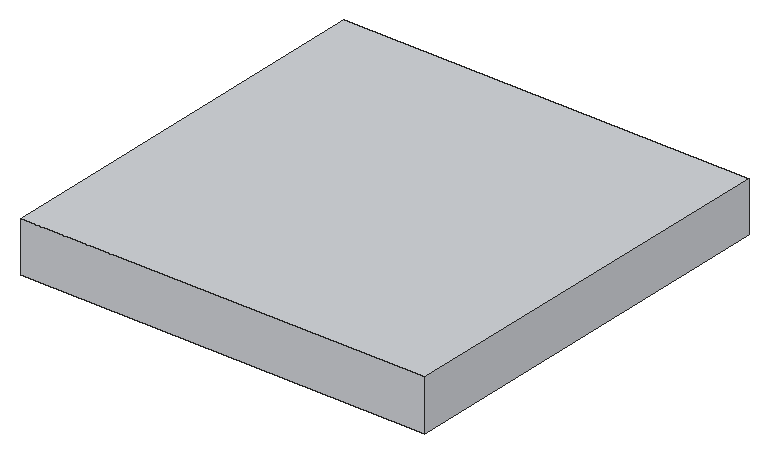
Revit family "M_Inserção de canto da luminária comercial", category Luminárias, Revit 2019
Family settings
  Cota do conector redondo = Utilizar diâmetro
  Tipo de parte = Normal
  Número OmniClass = 23.80.70.11.14.11
  Título OmniClass = Downlights
  ID de item do Seek = Troffer Corner Insert-0000-CAN-ENU
  Com base no plano de trabalho = Não
  Sempre na vertical = Sim
  Corte com vazios quando carregada = Não
  Fonte luminosa = Sim
  Compartilhado = Não
  Ponto de cálculo do ambiente = Não
Parameters (values of type "1200x1200 8lâmpadas")
  Largura = 1200 mm
  Wattage Comments = ""
  Wattage = 256 W
  built-in parameter 1150110 = 1 (stored number, unit not read)
  built-in parameter 1150109 = 1 (stored number, unit not read)
  built-in parameter 1150134 = 8
  built-in parameter 1150113 = 1 (stored number, unit not read)
  Tilt Angle = 90.00°
  Lumens = 23201.3 lm
  built-in parameter 1114217 = 0.88 (stored number, unit not read)
  built-in parameter 1150115 = 1 (stored number, unit not read)
  built-in parameter 1150105 = 1846.3 (stored number, unit not read)
  Classificação de carga = Iluminação - Unidade de interrupção
  built-in parameter 1150137 = 1
  built-in parameter 1150139 = (empty or 0)
  Comprimento = 1200 mm
  built-in parameter 1150112 = 1 (stored number, unit not read)
  built-in parameter 1150114 = 1 (stored number, unit not read)
  Lâmpada = "T8"
  Arquivo de rede fotométrica = "4x4 8Lamp.ies"
  built-in parameter 1150132 = (empty or 0)
  built-in parameter 1150102 = (empty or 0)
  built-in parameter 1150138 = (empty or 0)
  built-in parameter 1150107 = 4230 (stored number, unit not read)
  built-in parameter 1150106 = 18.463 (stored number, unit not read)
  Emit from Rectangle Width = Largura  # 1200 mm
  Emit from Rectangle Length = Comprimento  # 1200 mm
  Emitir forma visível na renderização = no
  built-in parameter 1150104 = 8.4198 (stored number, unit not read)
  Troca de temperatura da cor de lâmpada com esmaecimento = <Nenhum>
  Linear = 150 mm
  Color Filter = 16777215
  built-in parameter 1140040 [instance] = 1
  built-in parameter 1114218 = 0.88 (stored number, unit not read)
  built-in parameter 1150133 = 10 (stored number, unit not read)
  Apparent Load = 256 VA
Types (10, lengths in mm): name | Largura | Wattage | Lumens | built-in parameter 1114217 | built-in parameter 1150105 | Comprimento | Lâmpada | Arquivo de rede fotométrica | built-in parameter 1150106 | Emit from Rectangle Width | Emit from Rectangle Length | built-in parameter 1150104 | built-in parameter 1114218 | Apparent Load
  (no name) | 1200 | 256 W | 23201.3 lm | 0.88 (stored number, unit not read) | 1846.3 (stored number, unit not read) | 1200 | "T8" | "4x4 8Lamp.ies" | 18.463 (stored number, unit not read) | 1200 | 1200 | 8.4198 (stored number, unit not read) | 0.88 (stored number, unit not read) | 256 VA
  300x1200 2lâmpadas | 300 | 80 W | 6300 lm | 0.88 (stored number, unit not read) | 501.34 (stored number, unit not read) | 1200 | "T8" | "1x4 2Lamp.ies" | 5.0134 (stored number, unit not read) | 300 | 1200 | 7.3161 (stored number, unit not read) | 0.88 (stored number, unit not read) | 80 VA
  300x1200 3lâmpadas | 300 | 120 W | 9450 lm | 0.88 (stored number, unit not read) | 752.01 (stored number, unit not read) | 1200 | "T12" | "1x4 3Lamp.ies" | 7.5201 (stored number, unit not read) | 300 | 1200 | 7.3161 (stored number, unit not read) | 0.88 (stored number, unit not read) | 120 VA
  600x600 2lâmpadas | 600 | 62 W | 5199.94 lm | 0.86 (stored number, unit not read) | 413.8 (stored number, unit not read) | 600 | "T8" | "2x2 2Lamp.ies" | 4.138 (stored number, unit not read) | 600 | 600 | 7.7918 (stored number, unit not read) | 0.86 (stored number, unit not read) | 62 VA
  600x600 3lâmpadas | 600 | 93 W | 8399.76 lm | 0.87 (stored number, unit not read) | 668.43 (stored number, unit not read) | 600 | "T8" | "2x2 3Lamp.ies" | 6.6843 (stored number, unit not read) | 600 | 600 | 8.391 (stored number, unit not read) | 0.87 (stored number, unit not read) | 93 VA
  600x1200 2lâmpadas | 600 | 80 W | 6300 lm | 0.88 (stored number, unit not read) | 501.34 (stored number, unit not read) | 1200 | "T12" | "2x4 2Lamp.ies" | 5.0134 (stored number, unit not read) | 600 | 1200 | 7.3161 (stored number, unit not read) | 0.88 (stored number, unit not read) | 80 VA
  600x1200 3lâmpadas | 600 | 96 W | 8549.76 lm | 0.87 (stored number, unit not read) | 680.37 (stored number, unit not read) | 1200 | "T8" | "2x4 3Lamp.ies" | 6.8037 (stored number, unit not read) | 600 | 1200 | 8.2739 (stored number, unit not read) | 0.87 (stored number, unit not read) | 96 VA
  600x1200 4lâmpadas | 600 | 160 W | 12600 lm | 0.88 (stored number, unit not read) | 1002.7 (stored number, unit not read) | 1200 | "T12" | "2x4 4Lamp.ies" | 10.027 (stored number, unit not read) | 600 | 1200 | 7.3161 (stored number, unit not read) | 0.88 (stored number, unit not read) | 160 VA
  1200x1200 8lâmpadas | 1200 | 256 W | 23201.3 lm | 0.88 (stored number, unit not read) | 1846.3 (stored number, unit not read) | 1200 | "T8" | "4x4 8Lamp.ies" | 18.463 (stored number, unit not read) | 1200 | 1200 | 8.4198 (stored number, unit not read) | 0.88 (stored number, unit not read) | 256 VA
  500x1200 2lâmpadas | 500 | 80 W | 6300 lm | 0.88 (stored number, unit not read) | 501.34 (stored number, unit not read) | 1200 | "T12" | "20x4 2Lamp.ies" | 5.0134 (stored number, unit not read) | 500 | 1200 | 7.3161 (stored number, unit not read) | 0.88 (stored number, unit not read) | 80 VA
Reference planes
  plane 1 "Eixo de origem da luz (F/T)": y = 0
  plane 2: z = 0
  plane 3 "Eixo de origem da luz (E/D)": x = 0
  plane 4 "Elevação da origem da luz": z = 2438.4
  plane 5: z = 2588.4
  plane 6: x = -600
  plane 7: y = -600
  plane 8: y = 600
  plane 9: x = 600
Forms (mm)
  Extrusion 1, solid
    sketch origin (0, 0, 0) x (1, 0, 0) y (0, 1, 0)
      loop
        line (-600, 600) -> (-600, -600) -> (600, -600) -> (600, 600) -> (-600, 600)
    from 2438.4 to 2588.4
Dimensions and locks
  equal spacing: Extrusion 1 sketch curve, plane 3 "Eixo de origem da luz (E/D)", Extrusion 1 sketch curve
  equal spacing: Extrusion 1 sketch curve, plane 1 "Eixo de origem da luz (F/T)", Extrusion 1 sketch curve
  "Linear": plane 5 to plane 4 "Elevação da origem da luz"
  "Largura": plane 8 to plane 7
  "Comprimento": plane 6 to plane 9
  equal spacing: plane 8, plane 1 "Eixo de origem da luz (F/T)", plane 7
  equal spacing: plane 6, plane 3 "Eixo de origem da luz (E/D)", plane 9
  aligned and locked: plane 4 "Elevação da origem da luz" to Extrusion 1
  aligned and locked: plane 5 to Extrusion 1
  aligned and locked: Extrusion 1 sketch curve to plane 8
  aligned and locked: plane 9 to Extrusion 1 sketch curve
  aligned and locked: plane 3 "Eixo de origem da luz (E/D)" to imposter light
  aligned and locked: imposter light to plane 1 "Eixo de origem da luz (F/T)"
  aligned and locked: plane 4 "Elevação da origem da luz" to imposter light
Connectors
  electrical at (0, 0, 2588.4), driven by "Apparent Load", driven by "Classificação de carga"
    settings: on Extrusion 1, index 1, voltage 277 V, apparent load 0 VA, apparent load phase1 256 VA, apparent load phase2 0 VA, apparent load phase3 0 VA, power factor 0.95, load classification "Iluminação - Unidade de interrupção", number of poles 1, system type 31, power factor state 1, is connector primary yes, connector utility no, sub classification motor no, connector description ""
